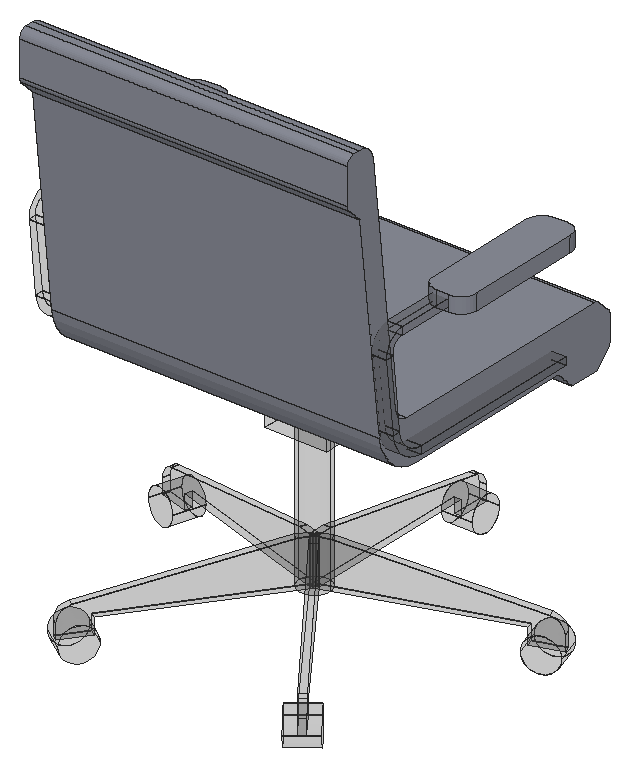
Revit family "c06fe6ca31e84af28e8a5b943b7babdb", category Furniture, Revit 2021
Family settings
  OmniClass Number = 23.40.20.14.14.11
  OmniClass Title = Chairs
  Seek Item ID = Chair-Task Arms-0000-USA-ENU
  Work Plane-Based = No
  Always vertical = Yes
  Cut with Voids When Loaded = No
  Shared = Yes
  Room Calculation Point = No
Parameters (values of type "Chair-Task Arms")
  Default Elevation = 0' - 0"
  Assembly Code = "E2020200"
  Base Material = Plastic, Opaque Black
  Caster Material = Plastic, Opaque Black
  Seat/Back Material = Textile - Slate Blue
Reference planes (in)
  plane 1 "Center (Front/Back)": y = 0.7459
  plane 2: z = 0
  plane 3 "Center (Left/Right)": x = 5.55082
  plane 4: x = 18.05082
  plane 5: x = -6.94918
  plane 6: y = -12.7541
  plane 7: y = 14.2459
  plane 8: z = 35
  plane 9 "Seat": z = 18
  plane 10: y = -9.7541
  plane 11: z = 34
  plane 12: y = 11.2459
  plane 13: y = 10.2459
  plane 14: z = 17
  plane 15: y = -8.7541
  plane 16: z = 31
  plane 17: z = 14
  plane 18: x = 7.55082
  plane 19: x = 3.55082
  plane 20: x = 16.55082
  plane 21: x = -5.44918
  plane 22: z = 24
  plane 23: z = 24
Forms (in)
  Extrusion 1, solid, material "Textile - Slate Blue" <- "Seat/Back Material"
    sketch origin (-6.94918, 0, 0) x (0, -1, 0) y (0, 0, 1)
      loop
        arc (-10.03977, 18) -> (-10.23034, 17.96226) -> (-10.39214, 17.85473) r 0.5
        line (-10.39214, 17.85473) -> (-11.09827, 17.15331)
        arc (-11.09827, 17.15331) -> (-11.20752, 16.99069) -> (-11.2459, 16.79857) r 0.5
        line (-11.2459, 16.79857) -> (-11.2459, 15.41892)
        arc (-11.2459, 15.41892) -> (-11.17042, 15.03778) -> (-10.95537, 14.71418) r 1
        line (-10.95537, 14.71418) -> (-10.24595, 14) -> (-8.24595, 14) -> (-7.12892, 15.10959) -> (4.21689, 15.10959)
        arc (4.21689, 15.10959) -> (6.21043, 15.86776) -> (7.19634, 17.75907) r 3
        line (7.19634, 17.75907) -> (8.7541, 31) -> (9.60765, 31.85355)
        arc (9.60765, 31.85355) -> (9.71604, 32.01577) -> (9.7541, 32.20711) r 0.5
        line (9.7541, 32.20711) -> (9.7541, 34.5)
        arc (9.7541, 34.5) -> (9.60765, 34.85355) -> (9.2541, 35) r 0.5
        line (9.2541, 35) -> (8.7472, 35)
        arc (8.7472, 35) -> (8.08269, 34.74728) -> (7.75405, 34.11684) r 1
        line (7.75405, 34.11684) -> (5.96185, 18.88316)
        arc (5.96185, 18.88316) -> (5.63322, 18.25272) -> (4.9687, 18) r 1
        line (4.9687, 18) -> (-10.03977, 18)
    from -2 to -23
  Extrusion 2, solid, material "Plastic, Opaque Black" <- "Base Material"
    sketch origin (7.55082, 0, 0) x (0, -1, 0) y (0, 0, 1)
      loop
        line (0.7541, 15.10959) -> (-2.7459, 15.10959) -> (-2.7459, 14.60959) -> (-0.7459, 11.14549) -> (0.7541, 11.14549) -> (0.7541, 15.10959)
    from 0 to 4
  Extrusion 3, solid, material "Plastic, Opaque Black" <- "Base Material"
    sketch origin (5.55082, 0, 0) x (0, 1, 0) y (0, 0, 1)
      loop
        line (0.7459, 2.10959) -> (12.2459, 2.10959) -> (12.2459, 1.10959) -> (14.2459, 1.10959) -> (14.2459, 2.0664)
        arc (14.2459, 2.0664) -> (14.01195, 2.70919) -> (13.41955, 3.05121) r 1
        line (13.41955, 3.05121) -> (1.7459, 5.10959) -> (0.7459, 5.10959) -> (0.7459, 2.10959)
    from 0.25 to -0.25
  Extrusion 4, solid, material "Plastic, Opaque Black" <- "Caster Material"
    sketch origin (5.55082, 0, 0) x (0, 1, 0) y (0, 0, 1)
      loop
        circle (13.2459, 1.10959) r 1.11025
    from 1 to -1
  Extrusion 5, solid, material "Plastic, Opaque Black" <- "Base Material"
    sketch origin (6.26021, 0.51541, 0) x (-0.951057, 0.309017, 0) y (0, 0, 1)
      loop
        line (0.7459, 2.10959) -> (12.2459, 2.10959) -> (12.2459, 1.10959) -> (14.2459, 1.10959) -> (14.2459, 2.0664)
        arc (14.2459, 2.0664) -> (14.01195, 2.70919) -> (13.41955, 3.05121) r 1
        line (13.41955, 3.05121) -> (1.7459, 5.10959) -> (0.7459, 5.10959) -> (0.7459, 2.10959)
    from 0.25 to -0.25
  Extrusion 6, solid, material "Plastic, Opaque Black" <- "Caster Material"
    sketch origin (6.26021, 0.51541, 0) x (-0.951057, 0.309017, 0) y (0, 0, 1)
      loop
        circle (13.2459, 1.10959) r 1.11025
    from 1 to -1
  Extrusion 7, solid, material "Plastic, Opaque Black" <- "Base Material"
    sketch origin (5.98925, 1.34935, 0) x (-0.587785, -0.809017, 0) y (0, 0, 1)
      loop
        line (0.7459, 2.10959) -> (12.2459, 2.10959) -> (12.2459, 1.10959) -> (14.2459, 1.10959) -> (14.2459, 2.0664)
        arc (14.2459, 2.0664) -> (14.01195, 2.70919) -> (13.41955, 3.05121) r 1
        line (13.41955, 3.05121) -> (1.7459, 5.10959) -> (0.7459, 5.10959) -> (0.7459, 2.10959)
    from 0.25 to -0.25
  Extrusion 8, solid, material "Plastic, Opaque Black" <- "Caster Material"
    sketch origin (5.98925, 1.34935, 0) x (-0.587785, -0.809017, 0) y (0, 0, 1)
      loop
        circle (13.2459, 1.10959) r 1.11025
    from 1 to -1
  Extrusion 9, solid, material "Plastic, Opaque Black" <- "Base Material"
    sketch origin (5.11239, 1.34935, 0) x (0.587785, -0.809017, 0) y (0, 0, 1)
      loop
        line (0.7459, 2.10959) -> (12.2459, 2.10959) -> (12.2459, 1.10959) -> (14.2459, 1.10959) -> (14.2459, 2.0664)
        arc (14.2459, 2.0664) -> (14.01195, 2.70919) -> (13.41955, 3.05121) r 1
        line (13.41955, 3.05121) -> (1.7459, 5.10959) -> (0.7459, 5.10959) -> (0.7459, 2.10959)
    from 0.25 to -0.25
  Extrusion 10, solid, material "Plastic, Opaque Black" <- "Caster Material"
    sketch origin (5.11239, 1.34935, 0) x (0.587785, -0.809017, 0) y (0, 0, 1)
      loop
        circle (13.2459, 1.10959) r 1.11025
    from 1 to -1
  Extrusion 11, solid, material "Plastic, Opaque Black" <- "Base Material"
    sketch origin (4.84143, 0.51541, 0) x (0.951057, 0.309017, 0) y (0, 0, 1)
      loop
        line (0.7459, 2.10959) -> (12.2459, 2.10959) -> (12.2459, 1.10959) -> (14.2459, 1.10959) -> (14.2459, 2.0664)
        arc (14.2459, 2.0664) -> (14.01195, 2.70919) -> (13.41955, 3.05121) r 1
        line (13.41955, 3.05121) -> (1.7459, 5.10959) -> (0.7459, 5.10959) -> (0.7459, 2.10959)
    from 0.25 to -0.25
  Extrusion 12, solid, material "Plastic, Opaque Black" <- "Caster Material"
    sketch origin (4.84143, 0.51541, 0) x (0.951057, 0.309017, 0) y (0, 0, 1)
      loop
        circle (13.2459, 1.10959) r 1.11025
    from 1 to -1
  Extrusion 13, solid, material "Plastic, Opaque Black" <- "Base Material"
    sketch origin (0, 0, 0) x (1, 0, 0) y (0, 1, 0)
      loop
        circle (5.55082, 0.7459) r 1
    from 2.10959 to 15.125
  Sweep 14, solid, material "Plastic, Opaque Black" <- "Base Material"
    path origin (16.55082, 0, 0) x (0, -1, 0) y (0, 0, 1)
      loop
        line (-6.57606, 16.5) -> (5.05233, 16.5)
        arc (5.05233, 16.5) -> (6.38136, 17.00545) -> (7.03863, 18.26632) r 2
        line (7.03863, 18.26632) -> (7.58179, 22.88316)
        arc (7.58179, 22.88316) -> (7.33592, 23.66451) -> (6.58864, 24) r 1
        line (6.58864, 24) -> (-0.7459, 24)
    profile origin (16.55082, 0.76186, 0) x (0, 0, 1) y (-1, 0, 0)
      loop
        line (16.75, 0.5) -> (16.25, 0.5) -> (16.25, -0.5) -> (16.75, -0.5) -> (16.75, 0.5)
  Sweep 15, solid, material "Plastic, Opaque Black" <- "Base Material"
    path origin (-5.44918, 0, 0) x (0, -1, 0) y (0, 0, 1)
      loop
        line (-6.57606, 16.5) -> (4.97003, 16.5)
        arc (4.97003, 16.5) -> (6.29906, 17.00545) -> (6.95634, 18.26632) r 2
        line (6.95634, 18.26632) -> (7.49949, 22.88316)
        arc (7.49949, 22.88316) -> (7.25362, 23.66451) -> (6.50634, 24) r 1
        line (6.50634, 24) -> (-0.7459, 24)
    profile origin (-5.44918, 0.80301, 0) x (0, 0, 1) y (-1, 0, 0)
      loop
        line (16.25, -0.5) -> (16.75, -0.5) -> (16.75, 0.5) -> (16.25, 0.5) -> (16.25, -0.5)
  Extrusion 16, solid, material "Textile - Slate Blue" <- "Seat/Back Material"
    sketch origin (16.05082, 6.57606, 16.75) x (0, -1, 0) y (1, 0, 0)
      loop
        line (9.49743, 0.25) -> (9.49743, 1)
        arc (9.49743, 1) -> (9.20454, 1.70711) -> (8.49743, 2) r 1
        line (8.49743, 2) -> (1, 2)
        arc (1, 2) -> (0.29289, 1.70711) -> (0, 1) r 1
        line (0, 1) -> (0, 0.25)
        arc (0, 0.25) -> (0.29289, -0.45711) -> (1, -0.75) r 1
        line (1, -0.75) -> (8.49743, -0.75)
        arc (8.49743, -0.75) -> (9.20454, -0.45711) -> (9.49743, 0.25) r 1
      loop
        line (9.45628, -22) -> (9.45628, -21.25)
        arc (9.45628, -21.25) -> (9.16339, -20.54289) -> (8.45628, -20.25) r 1
        line (8.45628, -20.25) -> (1, -20.25)
        arc (1, -20.25) -> (0.29289, -20.54289) -> (0, -21.25) r 1
        line (0, -21.25) -> (0, -22)
        arc (0, -22) -> (0.29289, -22.70711) -> (1, -23) r 1
        line (1, -23) -> (8.45628, -23)
        arc (8.45628, -23) -> (9.16339, -22.70711) -> (9.45628, -22) r 1
    from 6.75 to 7.75
Lines and regions (in)
  Masking region 1
    outline origin (0, 0, 18) x (0, -1, 0) y (1, 0, 0)
      loop
        line (-11.09827, -5.19918) -> (-6.62261, -5.19918) -> (-6.62261, -5.94821)
        arc (-6.62261, -5.94821) -> (-6.32081, -6.6768) -> (-5.59222, -6.97859) r 1.03038
        line (-5.59222, -6.97859) -> (1.93758, -6.97859)
        arc (1.93758, -6.97859) -> (2.68558, -6.66875) -> (2.99542, -5.92075) r 1.05784
        line (2.99542, -5.92075) -> (2.99542, -5.19918) -> (8.60765, -5.19918)
        arc (8.60765, -5.19918) -> (9.16662, -5.02837) -> (9.53463, -4.5743) r 1
        arc (9.53463, -4.5743) -> (9.69764, -4.28044) -> (9.7541, -3.94918) r 1
        line (9.7541, -3.94918) -> (9.7541, 15.05082)
        arc (9.7541, 15.05082) -> (9.69764, 15.38208) -> (9.53463, 15.67594) r 1
        arc (9.53463, 15.67594) -> (9.16662, 16.13001) -> (8.60765, 16.30082) r 1
        line (8.60765, 16.30082) -> (3.03621, 16.30082) -> (3.03621, 17.02246)
        arc (3.03621, 17.02246) -> (2.72643, 17.77034) -> (1.97856, 18.08012) r 1.05766
        line (1.97856, 18.08012) -> (-5.59212, 18.08012)
        arc (-5.59212, 18.08012) -> (-6.32061, 17.77837) -> (-6.62236, 17.04988) r 1.03024
        line (-6.62236, 17.04988) -> (-6.62236, 16.30082) -> (-11.09827, 16.30082) -> (-11.09827, -5.19918)
  symbolic lines
    curve 1: line (-3.94918, -9.7541, 18) -> (15.05082, -9.7541, 18)
    curve 2: line (-4.94918, -8.7541, 18) -> (-4.94918, -6.9687, 18)
    curve 3: line (-2.94918, -4.9687, 18) -> (14.05082, -4.9687, 18)
    curve 4: line (16.05082, -8.7541, 18) -> (16.05082, -6.9687, 18)
    curve 5: arc (-2.94918, -4.9687, 18) -> (-4.36339, -5.55449, 18) -> (-4.94918, -6.9687, 18) r 2
    curve 6: arc (14.05082, -4.9687, 18) -> (15.46503, -5.55449, 18) -> (16.05082, -6.9687, 18) r 2
    curve 7: arc (-4.94918, -8.7541, 18) -> (-4.65629, -9.46121, 18) -> (-3.94918, -9.7541, 18) r 1
    curve 8: arc (16.05082, -8.7541, 18) -> (15.75793, -9.46121, 18) -> (15.05082, -9.7541, 18) r 1
    curve 9: line (-5.19918, 11.09827, 18) -> (16.30082, 11.09827, 18)
    curve 10: line (-5.19918, -2.99542, 18) -> (-5.19918, -8.60765, 18)
    curve 11: line (-4.19918, -9.60765, 18) -> (15.30082, -9.60765, 18)
    curve 12: line (16.30082, -3.03621, 18) -> (16.30082, -8.60765, 18)
    curve 13: arc (-5.19918, -8.60765, 18) -> (-4.90629, -9.31476, 18) -> (-4.19918, -9.60765, 18) r 1
    curve 14: arc (16.30082, -8.60765, 18) -> (16.00793, -9.31476, 18) -> (15.30082, -9.60765, 18) r 1
    curve 15: line (-3.92767, -1.72391, 18) -> (-3.92767, 5.35109, 18)
    curve 16: line (-6.97859, 5.59222, 18) -> (-6.97859, -1.93758, 18)
    curve 17: line (-5.19918, 6.62261, 18) -> (-5.94821, 6.62261, 18)
    curve 18: arc (-5.94821, 6.62261, 18) -> (-6.6768, 6.32081, 18) -> (-6.97859, 5.59222, 18) r 1.03038
    curve 19: arc (-3.92767, 5.35109, 18) -> (-4.30008, 6.25019, 18) -> (-5.19918, 6.62261, 18) r 1.27151
    curve 20: arc (-6.97859, -1.93758, 18) -> (-6.66875, -2.68558, 18) -> (-5.92075, -2.99542, 18) r 1.05784
    curve 21: arc (-5.19918, -2.99542, 18) -> (-4.30008, -2.623, 18) -> (-3.92767, -1.72391, 18) r 1.27151
    curve 22: line (-5.92075, -2.99542, 18) -> (-5.19918, -2.99542, 18)
    curve 23: line (15.02981, 5.35135, 18) -> (15.02981, -1.7652, 18)
    curve 24: arc (16.30082, 6.62236, 18) -> (15.40208, 6.25009, 18) -> (15.02981, 5.35135, 18) r 1.27101
    curve 25: line (17.04988, 6.62236, 18) -> (16.30082, 6.62236, 18)
    curve 26: arc (17.04988, 6.62236, 18) -> (17.77837, 6.32061, 18) -> (18.08012, 5.59212, 18) r 1.03024
    curve 27: line (18.08012, -1.97856, 18) -> (18.08012, 5.59212, 18)
    curve 28: arc (17.02246, -3.03621, 18) -> (17.77034, -2.72643, 18) -> (18.08012, -1.97856, 18) r 1.05766
    curve 29: line (16.30082, -3.03621, 18) -> (17.02246, -3.03621, 18)
    curve 30: arc (16.30082, -3.03621, 18) -> (15.40208, -2.66394, 18) -> (15.02981, -1.7652, 18) r 1.27101
    curve 31: line (-5.19918, 11.09827, 18) -> (-5.19918, 6.62261, 18)
    curve 32: line (16.30082, 11.09827, 18) -> (16.30082, 6.62236, 18)
Dimensions and locks (in)
  equal spacing: plane 5, plane 3 "Center (Left/Right)", plane 4
  plane 5 to plane 4 = 2' - 1"
  equal spacing: plane 6, plane 1 "Center (Front/Back)", plane 7
  plane 6 to plane 7 = 2' - 3"
  aligned: Masking region 1 sketch curve to curve 16
Automatic sketch dimensions
  plane 20 to curve 32 = 0' - 0 1/4"
  plane 7 to curve 32 = 0' - 3.14763"
  curve 31 to plane 21 = 0' - 0 1/4"
  curve 9 to curve 31 = 0' - 4.47567"
  curve 9 to curve 32 = 0' - 4.47591"
  curve 17 to curve 18 = 0' - 1.03038"
  curve 26 to plane 4 = 0' - 0.0293"
  curve 26 to curve 24 = 0' - 0.24077"
  plane 1 "Center (Front/Back)" to curve 15 = 0' - 2.46981"
  plane 20 to curve 30 = 0' - 0 1/4"
  plane 1 "Center (Front/Back)" to curve 30 = 0' - 2.5111"
  plane 5 to curve 20 = 0' - 0.02941"
  curve 21 to curve 20 = 0' - 0.21367"
  curve 30 to curve 28 = 0' - 0.21335"
  curve 21 to curve 21 = 0' - 1.27151"
  curve 28 to plane 20 = 0' - 0.47164"
  curve 21 to curve 3 = 0' - 1.97328"
  curve 6 to curve 4 = 0' - 2"
  curve 4 to curve 14 = 0' - 1.63895"
  curve 2 to curve 13 = 0' - 1.63895"
  curve 13 to curve 7 = 0' - 0.14645"
  curve 14 to curve 8 = 0' - 0.14645"
  curve 7 to curve 13 = 0' - 0.85355"
  curve 8 to curve 11 = 0' - 0.85355"
  curve 11 to curve 7 = 0' - 0.14645"
  curve 13 to plane 21 = 0' - 0 1/4"
  curve 13 to curve 7 = 0' - 0 1/4"
  curve 1 to curve 14 = 0' - 0 1/4"
  plane 20 to Masking region 1 sketch curve = 0' - 0 1/4"  (x2)
  plane 7 to Masking region 1 sketch curve = 0' - 3.14763"
  plane 21 to Masking region 1 sketch curve = 0' - 0.49903"
  Masking region 1 sketch curve to Masking region 1 sketch curve = 0' - 4.47567"
  Masking region 1 sketch curve to plane 20 = 0' - 0.49906"
  Masking region 1 sketch curve to Masking region 1 sketch curve = 0' - 4.47591"
  Masking region 1 sketch curve to plane 4 = 0' - 0.0293"
  Masking region 1 sketch curve to plane 20 = 0' - 0.47164"
  plane 1 "Center (Front/Back)" to Masking region 1 sketch curve = 0' - 2.72446"
  Masking region 1 sketch curve to plane 21 = 0' - 0 1/4"  (x2)
  Masking region 1 sketch curve to plane 6 = 0' - 4.14645"  (x2)
  Masking region 1 sketch curve to Masking region 1 sketch curve = 0' - 0.14645"  (x2)
  Masking region 1 sketch curve to Masking region 1 sketch curve = 0' - 0.78053"
  Masking region 1 sketch curve to Masking region 1 sketch curve = 0' - 0.92698"
  Masking region 1 sketch curve to Masking region 1 sketch curve = 0' - 0.21947"
  Masking region 1 sketch curve to plane 21 = 0' - 0.87488"
  Masking region 1 sketch curve to Masking region 1 sketch curve = 0' - 1 1/4"
  plane 1 "Center (Front/Back)" to Masking region 1 sketch curve = 0' - 3.74132"
  plane 21 to Masking region 1 sketch curve = 0' - 0.47157"
  plane 5 to Masking region 1 sketch curve = 0' - 0.02941"
